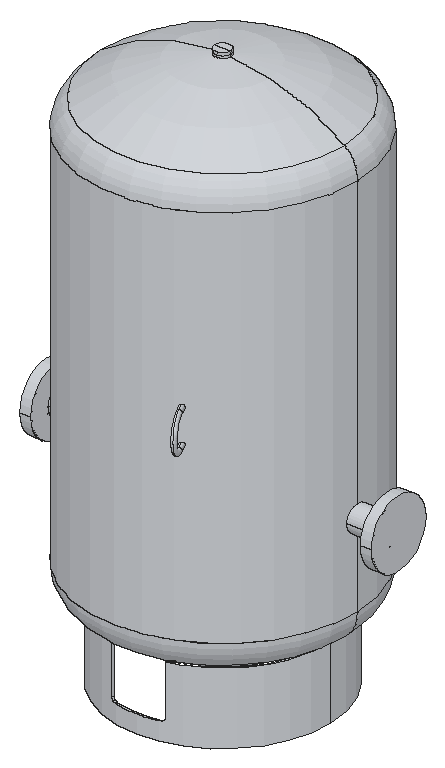
Revit family "CWBT200-3-125", category Mechanical Equipment, Revit 2014
Parameters (values of type "CWBT200-3-125")
  Tank Weight = "527 lbs."
  Tank Volume = "200 Gal"
  Tank Height = "62 3/8\""
  Tank Diameter = "30\""
  Note = "All dimensions and weights are approximate"
  Maximum Acceptance Volume = "N/A"
  Max Operating Temp = "450° F"
  Max Operating Pressure = "125 psi"
  Connector Size = "3\""
Reference planes (in)
  plane 1 "Center (Front/Back)": y = 0
  plane 2: z = 0
  plane 3 "Center (Left/Right)": x = 0
Forms (in)
  Extrusion 1, solid
    sketch origin (0, 0, 0) x (0, 1, 0) y (0, 0, 1)
      loop
        circle (0, 21.5) r 3.75
    from 18.3125 to 19.5
  Extrusion 2, solid
    sketch origin (0, 0, 0) x (0, 1, 0) y (0, 0, 1)
      loop
        circle (0, 21.5) r 3.75
    from -18.3125 to -19.5
  Extrusion 3, solid
    sketch origin (0, 0, 0) x (0, 1, 0) y (0, 0, 1)
      loop
        circle (0, 21.5) r 1.47
    from 0 to -19.5
  Extrusion 4, solid
    sketch origin (0, 0, 0) x (0, 1, 0) y (0, 0, 1)
      loop
        circle (0, 21.5) r 1.47
    from 0 to 19.5
  Extrusion 5, solid
    sketch origin (0, 0, 0) x (1, 0, 0) y (0, 1, 0)
      loop
        circle (0, 0) r 12
      loop
        circle (0, 0) r 11.8125
    from 0 to 8
  Extrusion 6, void
    sketch origin (0, 0, 0) x (1, 0, 0) y (0, 0, 1)
      loop
        line (-3, 8) -> (-3, 2.5)
        arc (-3, 2.5) -> (-2.85355, 2.14645) -> (-2.5, 2) r 0.5
        line (-2.5, 2) -> (2.5, 2)
        arc (2.5, 2) -> (2.85355, 2.14645) -> (3, 2.5) r 0.5
        line (3, 2.5) -> (3, 8) -> (-3, 8)
    from 0 to 15
  Revolve 7, solid
    sketch origin (0, 0, 0) x (1, 0, 0) y (0, 0, 1)
      loop
        line (0, 62.94192) -> (0, 4.18208) -> (0.875, 4.18208) -> (0.875, 4.56044) -> (0.875, 4.69888)
        arc (0.875, 4.69888) -> (7.49527, 5.95598) -> (13.45419, 9.10233) r 22.68535
        arc (13.45419, 9.10233) -> (14.59127, 10.43367) -> (15, 12.13614) r 3.75
        line (15, 12.13614) -> (15, 54.98786)
        arc (15, 54.98786) -> (14.60324, 56.66664) -> (13.4969, 57.99018) r 3.75
        arc (13.4969, 57.99018) -> (7.52025, 61.15916) -> (0.875, 62.42544) r 22.69138
        line (0.875, 62.42544) -> (0.875, 62.69192) -> (0.875, 62.94192) -> (0, 62.94192)
      axis (0, 62.94192) -> (0, 4.18208)
    angle from 0 to 360
  Sweep 8, solid
    path origin (-1.13053, 2.57732, -13.00075) x (0.419116, -0.907933, 0) y (0, 0, 1)
      loop
        line (17.83546, 48.42089) -> (18.83546, 48.42089)
        arc (18.83546, 48.42089) -> (20.71046, 46.54589) -> (18.83546, 44.67089) r 1.875
        line (18.83546, 44.67089) -> (17.83546, 44.67089)
    profile origin (6.55415, -14.07005, 35.42014) x (0, 0, 1) y (-0.907933, -0.419116, 0)
      loop
        circle (0, 0) r 0.25
Cuts and joins
  Extrusion 6 cuts Extrusion 5
Dimensions and locks (in)
  Revolve 7 sketch curve to cut or joined group of Extrusion 5, Extrusion 6 = 5' - 2.42544"
  aligned and locked: level to plane 2
